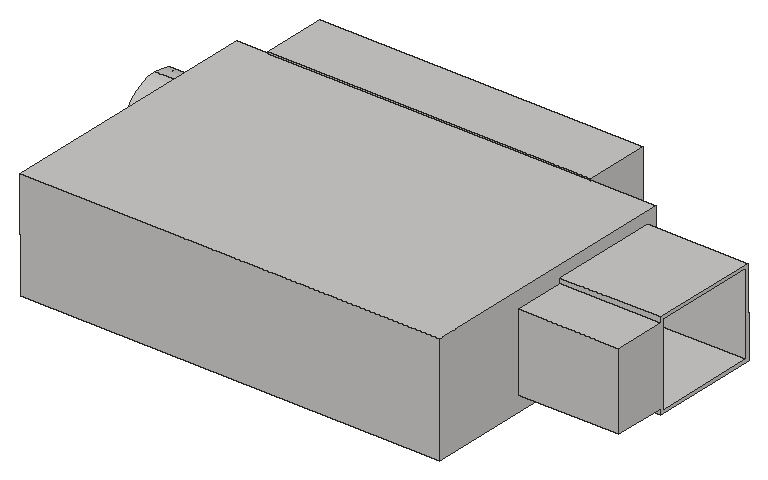
Revit family
Parameters
  Width = 2' - 2"
  Voltage = 208 V
  Unit Weight = "146.0 lbs"
  URL = "http://www.titus-hvac.com/"
  UL = "181"
  Supply Air Flow [instance] = 0 CFM
  Primary Air Pressure Drop [instance] = 0.00 in-wg
  Primary Air Flow [instance] = 0 CFM
  Plenum Air Pressure Drop [instance] = 0.00 in-wg
  Plenum Air Flow [instance] = 0 CFM
  Outlet Width = 0' - 10 1/2"
  Outlet Vertical Offset = 0' - 2 1/4"
  Outlet Horizontal Offset = 0' - 1 1/16"
  Outlet Height = 0' - 8 3/8"
  Number of Poles = 2
  Nominal Width = Width + 0' 6 1/4"  # 2' - 8 1/4"
  Nominal Length = Length + 0' 3 3/8" + 0' 9 3/4"  # 4' - 5 3/8"
  Nominal Inlet Size = 0' - 8"
  Nominal Height = 0' - 10 5/8"  # constant formula
  NFPA = "90A"
  Motor Full Load Amps [instance] = 2.4 A
  Model = "DFLS"
  Min. Air Flow = 0 CFM
  Max. Air Flow = 900 CFM
  Material = Steel
  Manufacturer = "Titus"
  Lynergy Controlled Heater = no
  Length = 3' - 4 1/4"
  Juction Box Offset = 0' - 3"
  Inlet Diameter = Nominal Inlet Size - 0' 0 1/8"  # 0' - 7 7/8"
  Induced Air Inlet Vertical Offset = 0' - 0 5/8"
  Induced Air Inlet Horizontal Offset = 0' - 0 7/8"
  Induced Air Inlet Width = 1' - 2 5/8"
  Induced Air Inlet Height = 0' - 8 3/4"
  Induced Air Filter = no
  Height = 0' - 10 1/2"
  Heating Total Capacity [instance] = 0 Btu/h
  Half Outlet Connection Width = Outlet Width / 2  # 0' - 5 1/4"
  Half Outlet Connection Height = Outlet Height / 2  # 0' - 4 3/16"
  Half Height Start = -(Height / 2)  # -0' - 5 1/4"
  Half Height End = Height / 2  # 0' - 5 1/4"
  HP-Motor = "1/4"
  Fuse Block = no
  Frequency = 60 Hz
  Foil Face Liner = Choose Liner Option = 1  # no
  Fiber Free Liner = Choose Liner Option = 2  # no
  Electric Heat Power [instance] = 0 VA
  Duct Radius = Nominal Inlet Size / 2  # 0' - 4"
  Disconnect Switch = no
  Description = "Series Fan Powered Terminal Unit, Direct Digital Control, Pressure Independent, Low Profile"
  Connection Void Radius = Connection Radius - 0' 0 1/4"  # 0' - 3 11/16"
  Connection Radius = Inlet Diameter / 2  # 0' - 3 15/16"
  Choose Liner Option = 0
  CADworks URL = "www.CADworks.net"
  Assembly Code = "D3040100"
  Apparent Power [instance] = Electric Heat Power + Motor Full Load Amps * Voltage  # 499.2 VA
  Air Inlet Offset = 0' - 5 5/8"
  1/2" Fiberglass Liner = Choose Liner Option = 0  # yes
Reference planes (in)
  plane 1 "Center (Front/Back)": y = 0
  plane 2: z = 0
  plane 3 "Center (Left/Right)": x = 3
  plane 4: x = -17.125
  plane 5: x = 23.125
  plane 6: x = -14.125
  plane 7: x = -20.5
  plane 8 "Center (Elevation)": z = 0
  plane 9: y = -13
  plane 10: y = 13
  plane 11: y = 7.375
  plane 12: y = -12.125
  plane 13: z = 5.25
  plane 14: z = -5.25
  plane 15: x = -11.125
  plane 16: y = 19.25
  plane 17: x = 32.875
Forms (in)
  Extrusion 1, solid, material "Steel" <- "Material"
    sketch origin (0, 0, 0) x (1, 0, 0) y (0, 1, 0)
      loop
        line (-17.125, 13) -> (-17.125, -13) -> (23.125, -13) -> (23.125, 13) -> (-17.125, 13)
    from -5.25 <- "Half Height Start" to 5.25 <- "Half Height End"
  Extrusion 2, solid, material "Steel" <- "Material"
    sketch origin (4.5, 0, -4.25) x (1, 0, 0) y (0, 1, 0)
      loop
        line (-18.625, 13) -> (12.375, 13) -> (12.375, 19.25) -> (-18.625, 19.25) -> (-18.625, 13)
    from 0 to 9.625
  Extrusion 3, solid, material "Steel" <- "Material"
    sketch origin (-24.875, -5.125, 0) x (0, 0, -1) y (0, 1, 0)
      loop
        circle (0, 12.5) r 3.9375
    from 4.375 to 7.75
  Extrusion 4, void
    sketch origin (-24.875, 0, 0) x (0, 1, 0) y (0, 0, 1)
      loop
        circle (7.375, 0) r 3.6875
    from 4.375 to 13.75
  Extrusion 5, void
    sketch origin (-17.125, -13, 0) x (0, -1, 0) y (0, 0, -1)
      loop
        line (-15.5, -4.125) -> (-0.875, -4.125) -> (-0.875, 4.625) -> (-15.5, 4.625) -> (-15.5, -4.125)
    from 0 to 6
  Extrusion 6, solid, material "Steel" <- "Material"
    sketch origin (23.125, 42.625, 0) x (0, -1, 0) y (0, 0, -1)
      loop
        line (46.25, -3.6875) -> (46.25, 3.6875) -> (41.25, 3.6875) -> (41.25, 4.1875) -> (30.75, 4.1875) -> (30.75, -4.1875) -> (41.25, -4.1875) -> (41.25, -3.6875) -> (46.25, -3.6875)
      loop
        line (41, -3.9375) -> (41, 3.9375) -> (31, 3.9375) -> (31, -3.9375) -> (41, -3.9375)
    from 0 to 9.75
Cuts and joins
  Extrusion 4, Extrusion 5 cuts Extrusion 1
  Extrusion 4 cuts Extrusion 3
Dimensions and locks (in)
  "Length": plane 5 to plane 4
  equal spacing: plane 5, plane 3 "Center (Left/Right)", plane 4, locked at 20.125 each
  locked: Extrusion 2 to Extrusion 2 at 31
  "Juction Box Offset": plane 6 to plane 4
  locked: plane 4 to plane 7 at 3.375
  "Width": plane 9 to plane 10
  equal spacing: plane 9, plane 1 "Center (Front/Back)", plane 10, locked at 13 each
  locked: Extrusion 2 to Extrusion 2 at 6.25
  locked: cut or joined group of Extrusion 3, Extrusion 4 to plane 11 at 0
  locked: Extrusion 4 sketch curve to plane 11 at 0  (x2)
  "Air Inlet Offset": plane 10 to plane 11
  locked: cut or joined group of Extrusion 3, Extrusion 4 to cut or joined group of Extrusion 3, Extrusion 4 at 3.375
  "Induced Air Inlet Horizontal Offset": plane 9 to plane 12
  "Induced Air Inlet Width": Extrusion 5 sketch curve to Extrusion 5 sketch curve
  "Induced Air Inlet Height": Extrusion 5 sketch curve to Extrusion 5 sketch curve
  "Induced Air Inlet Horizontal Offset": Extrusion 5 sketch curve to plane 9
  locked: Extrusion 6 sketch curve to Extrusion 6 sketch curve at 5  (x2)
  locked: Extrusion 3 sketch curve to level at 0
  locked: Extrusion 3 sketch curve to plane 11 at 0
  locked: Extrusion 4 sketch curve to level at 0
  "Induced Air Inlet Vertical Offset": cut or joined group of Extrusion 1, Extrusion 4, Extrusion 5 to Extrusion 5 sketch curve
  locked: plane 5 to plane 17 at 9.75
  equal spacing: plane 13, level, plane 14, locked at 5.25 each
  locked: Extrusion 2 to Extrusion 2 at 9.625
  locked: plane 14 to Extrusion 2 at 1
  Extrusion 6 sketch curve to Extrusion 6 sketch curve = 0' - 7 3/8"
  equal spacing: Extrusion 6 sketch curve, level, Extrusion 6 sketch curve, locked at 3.6875 each
  locked: Extrusion 6 sketch curve to Extrusion 6 sketch curve at 0.5  (x2)
  "Outlet Width": Extrusion 6 sketch curve to Extrusion 6 sketch curve
  locked: Extrusion 6 sketch curve to plane 10 at 1.125
  "Outlet Height": Extrusion 6 sketch curve to Extrusion 6 sketch curve
  equal spacing: Extrusion 6 sketch curve, level, Extrusion 6 sketch curve, locked at 4.1875 each
  locked: Extrusion 6 sketch curve to Extrusion 6 sketch curve at 0.25  (x4)
  "Connection Radius": radius of Extrusion 3 sketch curve
  "Connection Void Radius": radius of Extrusion 4 sketch curve
  aligned and locked: plane 13 to cut or joined group of Extrusion 1, Extrusion 4, Extrusion 5
  aligned and locked: plane 14 to cut or joined group of Extrusion 1, Extrusion 4, Extrusion 5
  aligned and locked: plane 15 to Extrusion 5
  aligned and locked: Extrusion 5 to Extrusion 4
  aligned and locked: plane 16 to Extrusion 2
  aligned and locked: plane 10 to cut or joined group of Extrusion 1, Extrusion 4, Extrusion 5
  aligned and locked: plane 4 to cut or joined group of Extrusion 1, Extrusion 4, Extrusion 5  (x3)
  aligned and locked: plane 5 to cut or joined group of Extrusion 1, Extrusion 4, Extrusion 5
  aligned and locked: plane 9 to cut or joined group of Extrusion 1, Extrusion 4, Extrusion 5
  aligned and locked: plane 12 to cut or joined group of Extrusion 1, Extrusion 4, Extrusion 5
  aligned and locked: plane 15 to cut or joined group of Extrusion 1, Extrusion 4, Extrusion 5  (x2)
  aligned and locked: plane 7 to cut or joined group of Extrusion 3, Extrusion 4  (x2)
  aligned and locked: plane 4 to cut or joined group of Extrusion 3, Extrusion 4
  aligned and locked: plane 6 to Extrusion 2
  aligned and locked: plane 10 to Extrusion 2
  aligned and locked: plane 5 to Extrusion 6
  aligned and locked: plane 17 to Extrusion 6
Automatic sketch dimensions
  Extrusion 1 sketch curve to plane 4 = 0' - 0"
  Extrusion 1 sketch curve to plane 5 = 0' - 0"
  Extrusion 1 sketch curve to plane 9 = 0' - 0"
  Extrusion 1 sketch curve to plane 10 = 0' - 0"
  Extrusion 2 sketch curve to plane 6 = 0' - 0"
  Extrusion 2 sketch curve to plane 10 = 0' - 0"
  Extrusion 2 sketch curve to plane 5 = 0' - 6 1/4"
  Extrusion 2 sketch curve to Extrusion 2 sketch curve = 0' - 6 1/4"
  Extrusion 6 sketch curve to Extrusion 6 sketch curve = 0' - 0 1/4"  (x2)
Connectors (in)
  electrical at (1.375, 19.25, 0.5625), driven by "Apparent Power", driven by "Voltage", driven by "Number of Poles"
    settings: on Extrusion 2, index 8
  hvac at (-20.5, 7.375, 0), driven by "Primary Air Flow", driven by "Duct Radius", driven by "Primary Air Pressure Drop"
    settings: on cut or joined group of Extrusion 3, Extrusion 4, index 9
  hvac at (-17.125, -4.8125, -0.25), driven by "Plenum Air Flow", driven by "Induced Air Inlet Height", driven by "Induced Air Inlet Width", driven by "Plenum Air Pressure Drop"
    settings: on cut or joined group of Extrusion 1, Extrusion 4, Extrusion 5, index 10
  hvac at (32.875, 6.625, 0), driven by "Supply Air Flow", driven by "Outlet Height", driven by "Outlet Width"
    settings: on Extrusion 6, index 13
